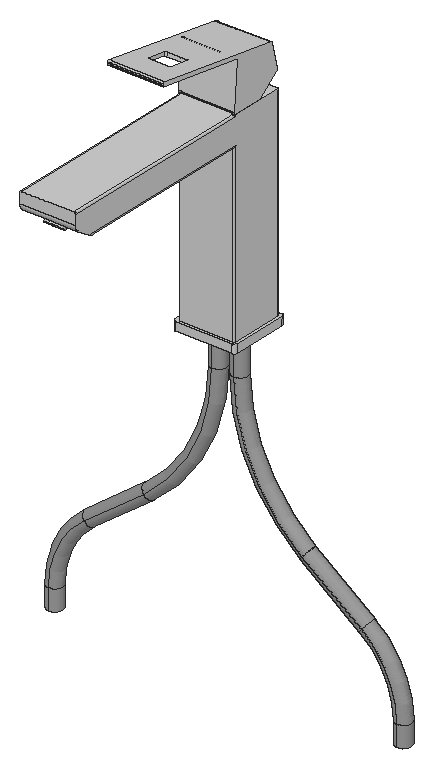
Revit family "Plumbing_Fixtures_Grohe_Eurocube_OHM_Basin_Mixer_(M)_23445000-14-METRIC1", category Plumbing Fixtures, host Face, Revit 2014
Parameters
  _distributed by = "www.bimstore.co.uk"
  _current revision = 1  # constant formula
  _created by = "Connor Laing"  # constant formula
  _BIMspec_GUID = 0
  Width = 133 mm
  Waste Connection = no
  WarrantyStartDate [instance] = ""
  WarrantyGuarantorParts = ""
  WarrantyGuarantorLabor = ""
  WarrantyDurationUnit = "Years"  # constant formula
  WarrantyDurationParts = ""
  WarrantyDurationLabor = ""
  WarrantyDescription = ""
  WFU = 0
  Vent Connection = no
  URL = "www.grohe.com"
  TypeName = Model  # "Eurocube OHM - Single Lever Basin Mixer Meduim Size - 2344500"
  Type Comments = Description  # "Single Lever Basin Mixer Meduim Size"
  TagNumber = ""
  SpareParts = ""
  Size = ""
  Shape = ""
  SerialNumber [instance] = ""
  ReplacementCost = ""
  ReferencedStandard = ""
  ProductionYear = ""
  Percentage of Recycled Content = ""
  Name = Model  # "Eurocube OHM - Single Lever Basin Mixer Meduim Size - 2344500"
  NBSReference = "45-35-70/371"  # constant formula
  NBSObjectName = "Washbasin taps"  # constant formula
  NBSNote = ""
  NBSDescription = "Water supply fittings for wash basins and troughs"  # constant formula
  ModelNumber = "23445000"  # constant formula
  Model = "Eurocube OHM - Single Lever Basin Mixer Meduim Size - 2344500"  # constant formula
  Material = "Chrome"  # constant formula
  Manufacturer = "Grohe"  # constant formula
  Low Emitting Material = no
  LEED Credit = ""
  Keynote = "N13"
  InstallationDate [instance] = ""
  Height = 172 mm
  HWFU = 0
  HW Connection = yes
  Grade = ""
  Finish = "Chrome"  # constant formula
  Features = ""
  Faucet Material = Grohe-Chrome
  Extidentifier = ""
  ExpectedLife = 0
  DurationUnit = "Years"  # constant formula
  DocumentationTechnical = "http://cdn08.grohe.com/lib/1/tpi/1848158.pdf"
  DocumentationLiterature = "http://cdn08.grohe.com/lib/1/tpi/1848158.pdf"
  DocumentationInstallationGuide = "http://cdn08.grohe.com/lib/1/tpi/1852290.pdf"
  DocumentationCertificates = "http://www.grohe.com/mt/11170/bathroom/bathroom-faucets/eurocube/product-details/?product=23445-G318&color=000&material=23445000"
  Description = "Single Lever Basin Mixer Meduim Size"  # constant formula
  Default Elevation = 600 mm
  CreatedOn = "August 2015"  # constant formula
  CreatedBy = "info-uk@grohe.com"  # constant formula
  Cost = 0
  Contact Grohe = "GROHE Limited, World Business Centre 2, Newall Road, London Heathrow Airport, Hounslow, Middlesex, TW6 2SF - Tel: +44 (0) 871 200 3414 - Fax: +44 (0) 871 200 3415 - EMail: info-uk@grohe.com"  # constant formula
  Constituents = ""
  Color = "Chrome"  # constant formula
  CodePerformance = ""
  ClassificationValue = "Pr_40_20_87_98"  # constant formula
  ClassificationName = "Uniclass 2015"  # constant formula
  CWFU = 0
  CW Connection = yes
  BarCode [instance] = ""
  AssetType = "Fixed"  # constant formula
  AssetIdentifier [instance] = ""
  Assembly Code = "C1030220"
  AccessibilityPerformance = ""
Reference planes
  plane 1 "Center (Front/Back)": y = 0
  plane 2: z = 0
  plane 3 "Center (Left/Right)": x = 0
  plane 4: z = 0
  plane 5: z = 5
  plane 6: z = 109
  plane 7: x = -19
  plane 8: x = 19
  plane 9: y = 19
  plane 10: y = -19
  plane 11: z = 172
  plane 12: y = -133
Forms (mm)
  Sweep 1, solid, material "Grohe-Pipework"
    path in 3D
      loop
        line (6.875, 0, 0) -> (6.875, 0, -22.649)
        arc (6.875, 0, -22.649) -> (17.907, 0, -69.5) -> (48.684, 0, -106.506) r 105
        line (48.684, 0, -106.506) -> (84.804, 0, -133.724)
        arc (84.804, 0, -133.724) -> (100.926, 0, -153.108) -> (106.704, 0, -177.649) r 55
        line (106.704, 0, -177.649) -> (106.704, 0, -190.227)
    profile origin (6.875, 0, -11.324) x (0, -1, 0) y (1, 0, 0)
      loop
        circle (0, 0) r 4.75
  Sweep 2, solid, material "Grohe-Pipework"
    path in 3D
      loop
        line (-6.25, 0, 0) -> (-6.25, 0, -22.649)
        arc (-6.25, 0, -22.649) -> (-17.282, 0, -69.5) -> (-48.059, 0, -106.506) r 105
        line (-48.059, 0, -106.506) -> (-84.179, 0, -133.724)
        arc (-84.179, 0, -133.724) -> (-100.301, 0, -153.108) -> (-106.079, 0, -177.649) r 55
        line (-106.079, 0, -177.649) -> (-106.079, 0, -190.227)
    profile origin (-6.25, 0, -11.324) x (0, -1, 0) y (1, 0, 0)
      loop
        circle (0, 0) r 4.75
  Extrusion 3, solid, material "Grohe-Chrome" <- "Faucet Material"
    sketch origin (-84.72, -4572, 186.25) x (-1, 0, 0) y (0, -1, 0)
      loop
        arc (-67.72, -4591) -> (-66.306, -4590.414) -> (-65.72, -4589) r 2
        line (-65.72, -4589) -> (-65.72, -4555)
        arc (-65.72, -4555) -> (-66.306, -4553.586) -> (-67.72, -4553) r 2
        line (-67.72, -4553) -> (-101.72, -4553)
        arc (-101.72, -4553) -> (-103.135, -4553.586) -> (-103.72, -4555) r 2
        line (-103.72, -4555) -> (-103.72, -4589)
        arc (-103.72, -4589) -> (-103.135, -4590.414) -> (-101.72, -4591) r 2
        line (-101.72, -4591) -> (-67.72, -4591)
    from -186.25 to -181.25
  Extrusion 4, solid, material "Grohe-Chrome" <- "Faucet Material"
    sketch origin (-84.72, -4572, 186.25) x (-1, 0, 0) y (0, -1, 0)
      loop
        line (-100.72, -4589) -> (-68.72, -4589)
        arc (-68.72, -4589) -> (-68.013, -4588.707) -> (-67.72, -4588) r 1
        line (-67.72, -4588) -> (-67.72, -4556)
        arc (-67.72, -4556) -> (-68.013, -4555.293) -> (-68.72, -4555) r 1
        line (-68.72, -4555) -> (-100.72, -4555)
        arc (-100.72, -4555) -> (-101.427, -4555.293) -> (-101.72, -4556) r 1
        line (-101.72, -4556) -> (-101.72, -4588)
        arc (-101.72, -4588) -> (-101.427, -4588.707) -> (-100.72, -4589) r 1
    from -181.25 to -57.25
  Extrusion 5, solid, material "Grohe-Chrome" <- "Faucet Material"
    sketch origin (0, 0, 0) x (1, 0, 0) y (0, 0, 1)
      loop
        line (-17, 128) -> (-17, 112)
        arc (-17, 112) -> (-16.707, 111.293) -> (-16, 111) r 1
        line (-16, 111) -> (16, 111)
        arc (16, 111) -> (16.707, 111.293) -> (17, 112) r 1
        line (17, 112) -> (17, 128)
        arc (17, 128) -> (16.707, 128.707) -> (16, 129) r 1
        line (16, 129) -> (-16, 129)
        arc (-16, 129) -> (-16.707, 128.707) -> (-17, 128) r 1
    from 0 to 137.843
  Extrusion 6, void
    sketch origin (-138.469, 0, 0) x (0, 0, -1) y (0, -1, 0)
      loop
        arc (-117.895, 136.005) -> (-114.898, 131.986) -> (-112.266, 127.719) r 56.964
        arc (-112.266, 127.719) -> (-111.322, 125.365) -> (-111, 122.849) r 10
        line (-111, 122.849) -> (-109, 122.849) -> (-109, 139.152) -> (-121.768, 139.152) -> (-121.768, 137.843)
        arc (-121.768, 137.843) -> (-119.625, 137.36) -> (-117.895, 136.005) r 5
    from -157.469 to -119.469
  Extrusion 7, solid, material "Grohe-Chrome" <- "Faucet Material"
    sketch origin (-138.469, 0, -1.25) x (0, 0, -1) y (0, -1, 0)
      loop
        arc (-142.238, -15.776) -> (-141.053, -15.729) -> (-140.102, -15.019) r 2
        line (-140.102, -15.019) -> (-131.069, -2.585)
        arc (-131.069, -2.585) -> (-130.785, -2.028) -> (-130.687, -1.41) r 2
        line (-130.687, -1.41) -> (-130.687, 15.77)
        arc (-130.687, 15.77) -> (-130.955, 16.38) -> (-131.586, 16.594) r 0.827
        line (-131.586, 16.594) -> (-159.519, 14.15)
        arc (-159.519, 14.15) -> (-159.969, 14.282) -> (-160.21, 14.684) r 0.644
        line (-160.21, 14.684) -> (-169.731, 70.538)
        arc (-169.731, 70.538) -> (-169.935, 70.863) -> (-170.31, 70.948) r 0.501
        line (-170.31, 70.948) -> (-171.472, 70.75)
        arc (-171.472, 70.75) -> (-171.819, 70.532) -> (-171.91, 70.132) r 0.535
        line (-171.91, 70.132) -> (-158.094, -10.924)
        arc (-158.094, -10.924) -> (-157.847, -11.43) -> (-157.367, -11.722) r 1
        line (-157.367, -11.722) -> (-142.238, -15.776)
    from -155.469 to -121.469
  Revolve 8, solid, material "Grohe-Chrome" <- "Faucet Material"
    sketch origin (0, 0, 0) x (1, 0, 0) y (0, 0, 1)
      loop
        line (0, 144) -> (0, 129) -> (15, 129)
        arc (15, 129) -> (10.607, 139.607) -> (0, 144) r 15
      axis (0, 144) -> (0, 129)
    angle from 0 to 360
  Extrusion 9, void
    sketch origin (-138.469, 11.556, 156.736) x (0, -0.985782, 0.168032) y (1, 0, 0)
      loop
        line (64.693, 145.469) -> (52.693, 145.469)
        arc (52.693, 145.469) -> (51.986, 145.176) -> (51.693, 144.469) r 1
        line (51.693, 144.469) -> (51.693, 132.469)
        arc (51.693, 132.469) -> (51.986, 131.762) -> (52.693, 131.469) r 1
        line (52.693, 131.469) -> (64.693, 131.469)
        arc (64.693, 131.469) -> (65.4, 131.762) -> (65.693, 132.469) r 1
        line (65.693, 132.469) -> (65.693, 144.469)
        arc (65.693, 144.469) -> (65.4, 145.176) -> (64.693, 145.469) r 1
    from -7.394 to 3.413
  Sweep 10, solid, material "Grohe-Chrome" <- "Faucet Material"
    path origin (0, 0, 0) x (0, 1, 0) y (0, 0, 1)
      loop
        line (0.937, 7.706) -> (18.52, 49.128) -> (28.52, 49.128)
    profile origin (0, 9.729, 28.417) x (0, -0.920505, 0.390731) y (1, 0, 0)
      loop
        line (-1.51, -2.479) -> (1.51, -2.479) -> (1.51, 2.479) -> (-1.51, 2.479) -> (-1.51, -2.479)
  Revolve 11, solid, material "Grohe-Chrome" <- "Faucet Material"
    sketch origin (0, 0, 0) x (0, 1, 0) y (0, 0, 1)
      loop
        line (-136.144, 118.531) -> (-137.43, 116.893) -> (-132.997, 113.41) -> (-131.824, 115.137) -> (-136.144, 118.531)
      axis (-131.61, 115.451) -> (-132.997, 113.41)
    angle from 0 to 360
Cuts and joins
  Extrusion 6 cuts Extrusion 5
  Extrusion 9 cuts Extrusion 7
  joined: Extrusion 3, Extrusion 4, Extrusion 5, Extrusion 7, Revolve 8, Sweep 10, Revolve 11
Lines and regions (mm)
  sketch lines
    curve 1: line (6.875, 0, 0) -> (6.875, 0, -22.649)
    curve 2: arc (48.684, 0, -106.506) -> (17.907, 0, -69.5) -> (6.875, 0, -22.649) r 105
    curve 3: line (48.684, 0, -106.506) -> (84.804, 0, -133.724)
    curve 4: arc (106.704, 0, -177.649) -> (100.926, 0, -153.108) -> (84.804, 0, -133.724) r 55
    curve 5: line (106.704, 0, -177.649) -> (106.704, 0, -190.227)
    curve 6: line (-6.25, 0, 0) -> (-6.25, 0, -22.649)
    curve 7: arc (-48.059, 0, -106.506) -> (-17.282, 0, -69.5) -> (-6.25, 0, -22.649) r 105
    curve 8: line (-48.059, 0, -106.506) -> (-84.179, 0, -133.724)
    curve 9: arc (-106.079, 0, -177.649) -> (-100.301, 0, -153.108) -> (-84.179, 0, -133.724) r 55
    curve 10: line (-106.079, 0, -177.649) -> (-106.079, 0, -190.227)
Dimensions and locks
  plane 6 to host face = 109 mm
  equal spacing: plane 7, plane 3 "Center (Left/Right)", plane 8
  plane 7 to plane 8 = 38 mm
  equal spacing: plane 9, plane 1 "Center (Front/Back)", plane 10
  plane 9 to plane 10 = 38 mm
  plane 11 to host face = 172 mm
  plane 1 "Center (Front/Back)" to plane 12 = 133 mm
  equal spacing: Sweep 10 sketch curve, profile plane, Sweep 10 sketch curve  (x2)
  aligned and locked: plane 2 to host face
  aligned and locked: level to host face
  aligned and locked: Revolve 8 sketch curve to plane 3 "Center (Left/Right)"
Automatic sketch dimensions
  host sketch curve to host sketch curve = 2438.4 mm  (x2)
  Sweep 1 sketch curve to profile plane = 0 mm
  profile plane to Sweep 1 sketch curve = 0 mm
  Sweep 2 sketch curve to profile plane = 0 mm
  profile plane to Sweep 2 sketch curve = 0 mm
  Extrusion 3 sketch curve to plane 8 = 0 mm
  Extrusion 3 sketch curve to plane 9 = 0 mm
  Extrusion 3 sketch curve to plane 10 = 0 mm
  Extrusion 3 sketch curve to plane 7 = 0 mm
  Extrusion 3 sketch curve to Extrusion 3 sketch curve = 2 mm
  Extrusion 3 sketch curve to plane 8 = 2 mm
  Extrusion 3 sketch curve to plane 7 = 2 mm  (x2)
  Extrusion 4 sketch curve to plane 8 = 2 mm
  Extrusion 4 sketch curve to Extrusion 4 sketch curve = 1 mm  (x3)
  Extrusion 4 sketch curve to plane 9 = 2 mm
  Extrusion 4 sketch curve to plane 7 = 3 mm  (x2)
  plane 10 to Extrusion 4 sketch curve = 3 mm
  Extrusion 5 sketch curve to plane 7 = 2 mm
  Extrusion 5 sketch curve to Extrusion 5 sketch curve = 1 mm  (x2)
  Extrusion 5 sketch curve to plane 8 = 3 mm  (x2)
  Extrusion 5 sketch curve to plane 8 = 2 mm
  plane 6 to Extrusion 5 sketch curve = 2 mm
  Extrusion 5 sketch curve to Extrusion 5 sketch curve = 16 mm
  Extrusion 6 sketch curve to plane 6 = 0 mm
  Extrusion 6 sketch curve to Extrusion 6 sketch curve = 2 mm
  Extrusion 6 sketch curve to Extrusion 6 sketch curve = 10 mm
  Extrusion 6 sketch curve to plane 12 = 0.157 mm
  Extrusion 6 sketch curve to Extrusion 6 sketch curve = 0.768 mm
  Extrusion 6 sketch curve to plane 11 = 9.982 mm
  Extrusion 6 sketch curve to plane 12 = 10.151 mm
  Extrusion 6 sketch curve to plane 12 = 33.024 mm
  plane 12 to Extrusion 6 sketch curve = 4.843 mm
  Extrusion 6 sketch curve to Extrusion 6 sketch curve = 0 mm
  plane 12 to Extrusion 6 sketch curve = 6.152 mm
  Extrusion 7 sketch curve to plane 11 = 1.34 mm
  Extrusion 7 sketch curve to plane 11 = 1.778 mm
  Extrusion 7 sketch curve to Extrusion 7 sketch curve = 0.09 mm  (x2)
  Extrusion 7 sketch curve to Extrusion 7 sketch curve = 1.163 mm
  Extrusion 7 sketch curve to Extrusion 7 sketch curve = 0.084 mm  (x2)
  Extrusion 7 sketch curve to Extrusion 7 sketch curve = 0.494 mm
  plane 10 to Extrusion 7 sketch curve = 4.316 mm
  Extrusion 7 sketch curve to plane 11 = 13.04 mm
  Extrusion 7 sketch curve to Extrusion 7 sketch curve = 0.635 mm
  plane 10 to Extrusion 7 sketch curve = 4.85 mm
  Extrusion 7 sketch curve to Extrusion 7 sketch curve = 0.056 mm
  Extrusion 7 sketch curve to plane 11 = 15.156 mm
  Extrusion 7 sketch curve to plane 9 = 7.278 mm
  Extrusion 7 sketch curve to Extrusion 7 sketch curve = 0.727 mm
  Extrusion 7 sketch curve to Extrusion 7 sketch curve = 0.259 mm
  Extrusion 7 sketch curve to plane 9 = 3.224 mm
  Extrusion 7 sketch curve to Extrusion 7 sketch curve = 15.128 mm
  Extrusion 7 sketch curve to Extrusion 7 sketch curve = 0.518 mm
  Extrusion 7 sketch curve to plane 9 = 3.981 mm
  Extrusion 7 sketch curve to Extrusion 7 sketch curve = 1.618 mm  (x2)
  Extrusion 7 sketch curve to plane 1 "Center (Front/Back)" = 1.41 mm
  Extrusion 7 sketch curve to Extrusion 7 sketch curve = 9.034 mm
  plane 10 to Extrusion 7 sketch curve = 2.406 mm
  Extrusion 7 sketch curve to Extrusion 7 sketch curve = 1.101 mm
  Extrusion 7 sketch curve to Extrusion 7 sketch curve = 0.072 mm
  Extrusion 7 sketch curve to plane 1 "Center (Front/Back)" = 2.585 mm
  Extrusion 7 sketch curve to Extrusion 7 sketch curve = 0.798 mm
  Extrusion 7 sketch curve to plane 10 = 51.132 mm
  Extrusion 7 sketch curve to Extrusion 7 sketch curve = 0.231 mm
  Revolve 8 sketch curve to plane 3 "Center (Left/Right)" = 0 mm
  Revolve 8 sketch curve to plane 8 = 4 mm
  plane 6 to Revolve 8 sketch curve = 20 mm
  Revolve 8 sketch curve to level = 609.6 mm
  plane 11 to Revolve 8 sketch curve = 2437.058 mm
  Extrusion 7 to Extrusion 9 sketch curve = 11 mm
  Extrusion 7 to Extrusion 9 sketch curve = 31.174 mm
  Extrusion 9 sketch curve to Extrusion 9 sketch curve = 1 mm  (x3)
  Extrusion 9 sketch curve to Extrusion 9 sketch curve = 12 mm  (x2)
  Extrusion 9 sketch curve to Extrusion 9 sketch curve = 0 mm
  profile plane to Sweep 10 sketch curve = 1.51 mm
  Sweep 10 sketch curve to plane 3 "Center (Left/Right)" = 2.479 mm
  Sweep 10 sketch curve to plane 9 = 0.48 mm
  Sweep 10 sketch curve to plane 5 = 44.128 mm
  Sweep 10 sketch curve to plane 1 "Center (Front/Back)" = 0.938 mm
  plane 9 to Sweep 10 sketch curve = 9.52 mm
  Sweep 10 sketch curve to plane 5 = 2.706 mm
  plane 12 to Revolve 11 sketch curve = 4.43 mm
  Revolve 11 sketch curve to Revolve 11 sketch curve = 1.287 mm
  Revolve 11 sketch curve to plane 12 = 0.003 mm
  Revolve 11 sketch curve to plane 12 = 1.176 mm
  plane 6 to Revolve 11 sketch curve = 4.41 mm
  Revolve 11 sketch curve to Revolve 11 sketch curve = 1.727 mm
  plane 12 to Revolve 11 sketch curve = 31.468 mm
  Revolve 11 sketch curve to Revolve 11 sketch curve = 0.162 mm
  Revolve 11 sketch curve to plane 6 = 41.917 mm
  Revolve 11 sketch curve to Revolve 11 sketch curve = 0.239 mm
  radius of Sweep 1 sketch curve = 4.75 mm
  radius of Sweep 2 sketch curve = 4.75 mm
Connectors
  piping at (-106.079, 0, -190.227), diameter 10
    settings: on Sweep 2, index 3, connector inside diameter 0.3937", connector length 0 mm, flow factor 0, pipe flow 0 GPM, pressure drop 3.00 psi, fitting loss kfactor 0, connector angle 0.00°, fixture units 0, engagement length 0 mm, angle of deflection 0.00°, flow configuration 0, flow direction 1, fitting loss method 4, system type 19, joint type 0, gender type 0, connector reference index -1, connector utility 0, adjustable connector no, is connector primary yes, connector description ""
  piping at (106.704, 0, -190.227), diameter 10
    settings: on Sweep 1, index 4, connector inside diameter 0.3937", connector length 0 mm, flow factor 0, pipe flow 0 GPM, pressure drop 3.00 psi, fitting loss kfactor 0, connector angle 0.00°, fixture units 0, engagement length 0 mm, angle of deflection 0.00°, flow configuration 0, flow direction 1, fitting loss method 4, system type 20, joint type 0, gender type 0, connector reference index -1, connector utility 0, adjustable connector no, is connector primary no, connector description ""
